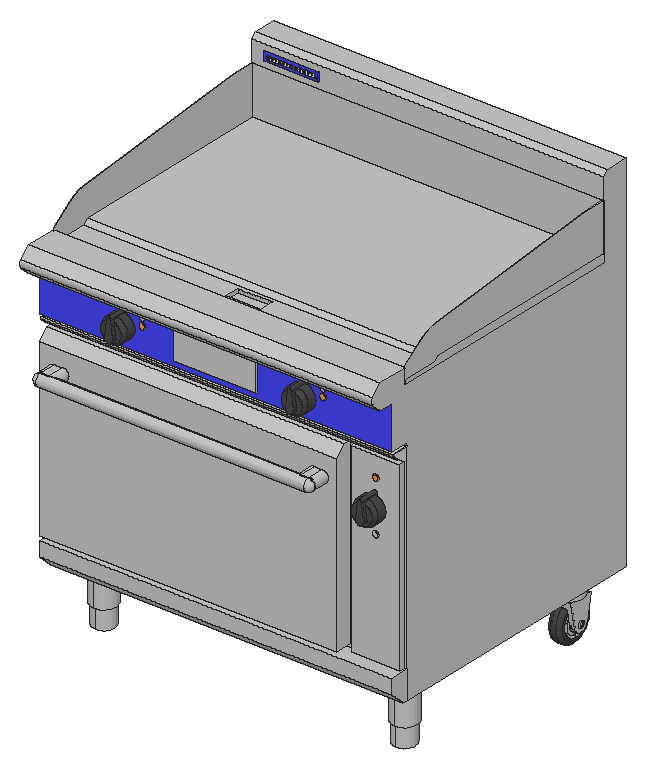
Revit family "QF_MOFFAT_BLUESEAL_CE_EP56", category Specialty Equipment, Revit 2012
Parameters
  Width = 900 mm
  Weight in Pounds = 336  # constant formula
  Watts = 18600 W
  Volts = 400 V
  URL Cutsheet = "www.moffat.com"
  URL = "www.moffat.com"
  Type Mark [instance] = ""
  Status [instance] = ""
  Specification by User [instance] = ""
  Specification by Manufacturer = ""
  Show Logo [instance] = yes
  Show Clearance [instance] = yes
  Show Casters [instance] = yes
  Serial Number = ""
  Seismic Rating = ""
  SMACNA No = ""
  Revision Code [instance] = ""
  Phase = 3
  Omniclass Number and Title = ""
  Number of Poles [instance] = 1
  NAFEM Spec ID Number = ""
  Model = "EP56"
  Min Ckt Ampacity = 0 A
  Max Overcurrent Protection = 0 A
  Masterspec = ""
  Manufacturer = "MOFFAT BLUESEAL"
  Legs [instance] = no
  Item Number [instance] = ""
  Installed By [instance] = ""
  Identify Quantity as Lot [instance] = yes
  Height = 1085 mm
  HP = ""
  Furnished By [instance] = ""
  Foodservice Equipment Identifier [instance] = yes
  FL Amps = 26.3 A
  Electrical Remarks [instance] = "26.3A PER PHASE"
  Electric Connection Type [instance] = ""
  Elec Conn RI Height [instance] = 0 mm
  Elec Conn Connection Height [instance] = 0 mm
  Description = "900MM ELECTRIC RANGE WITH CONVECTION OVEN"
  Depth = 805 mm
  Cycle = 50 Hz
  Conn Plug = ""
  Conn Conduit = yes
  CSI MasterFormat = ""
  CSI Master Format = ""
  Body Finish = QF_Finishes_Stainless Steel
  Apparent Power = if(Phase = 3, Volts * FL Amps * 1.73, Volts * FL Amps)  # 18199.6 VA
Reference planes
  plane 1 "BACK": y = 0
  plane 2: z = 0
  plane 3 "LEFT": x = 0
  plane 4 "RIGHT": x = 900
  plane 5 "FRONT": y = -812
  plane 6 "TOP": z = 970
  plane 7 "Center Y": x = 450
  plane 8 "Center X": y = -406
  plane 9: x = 280
  plane 10: x = 834.5
  plane 11: y = -32
  plane 12: z = 1085
  plane 13: z = 150
  plane 14: z = 740
  plane 15: x = 65.5
  plane 16: y = -100
  plane 17: y = -625
Forms (mm)
  Extrusion 1, solid, material "QF_Finishes_Stainless Steel" <- "Body Finish"
    sketch origin (0, 0, 0) x (0, 1, 0) y (0, 0, 1)
      loop
        line (0, 150) -> (0, 1085) -> (-58.9, 1085) -> (-70, 1073.9) -> (-70, 876.94) -> (-704.45, 876.94) -> (-704.45, 915) -> (-784.74, 915) -> (-808.31, 891.429)
        arc (-808.31, 891.429) -> (-812.002, 882.517) -> (-808.31, 873.604) r 12.604
        line (-808.31, 873.604) -> (-785.265, 850.559) -> (-748.2, 850.559) -> (-748.2, 740.5) -> (-699.05, 740.5) -> (-699.05, 150) -> (0, 150)
      loop
        line (-700.429, 732.9) -> (-743.335, 732.9)
        arc (-743.335, 732.9) -> (-745.599, 731.388) -> (-745.068, 728.718) r 2.45
        line (-745.068, 728.718) -> (-730.865, 714.515) -> (-730.158, 715.222) -> (-744.36, 729.425)
        arc (-744.36, 729.425) -> (-744.675, 731.005) -> (-743.335, 731.9) r 1.45
        line (-743.335, 731.9) -> (-700.429, 731.9) -> (-700.429, 732.9)
      loop
        line (-713.1, 150) -> (-699.5, 150) -> (-699.5, 221.7) -> (-748.5, 221.7) -> (-748.5, 185.4) -> (-713.1, 150)
    from 0 to 900
  Extrusion 2, solid, material "QF_Finishes_Stainless Steel"
    sketch origin (0, 0, 0) x (0, 1, 0) y (0, 0, 1)
      loop
        line (-724.715, 700.925) -> (-748.715, 676.925) -> (-748.715, 233.675) -> (-708.715, 233.675) -> (-708.715, 700.925) -> (-724.715, 700.925)
    from 0 to 760
  Extrusion 3, solid, material "QF_Finishes_Stainless Steel"
    sketch origin (723.5, 0, 0) x (0, 1, 0) y (0, 0, 1)
      loop
        line (-708.715, 700) -> (-721, 700) -> (-721, 227.5) -> (-708.715, 227.5) -> (-708.715, 700)
    from 51.5 to 176.5
  Revolve 4, solid, material "QF_Finishes_Stainless Steel" <- "Body Finish"
    sketch origin (834.5, -696.126, 0) x (0, 1, 0) y (0, 0, -1)
      loop
        line (39.376, -150) -> (71.126, -150) -> (71.126, 0) -> (43.626, 0) -> (43.626, -50) -> (39.376, -50) -> (39.376, -150)
      axis (71.126, -150) -> (71.126, 0)
    angle from 0 to 360
  Revolve 5, solid, material "QF_Finishes_Stainless Steel" <- "Body Finish"
    sketch origin (65.5, -696.126, 0) x (0, 1, 0) y (0, 0, 1)
      loop
        line (39.376, 150) -> (39.376, 50) -> (43.626, 50) -> (43.626, 0) -> (71.126, 0) -> (71.126, 150) -> (39.376, 150)
      axis (71.126, 150) -> (71.126, 0)
    angle from 0 to 360
  Extrusion 6, solid, material "QF_Finishes_Stainless Steel"
    sketch origin (0, 0, 740) x (0, 1, 0) y (1, 0, 0)
      loop
        circle (-32, 770) r 10
    from 0 to -3
  Revolve 7, solid, material "QF_Finishes_Black"
    sketch origin (837.495, 73.874, -213.6) x (0, 1, 0) y (0, 0, 1)
      loop
        line (-827.874, 829.5) -> (-838.874, 823.651) -> (-838.874, 797) -> (-794.874, 797) -> (-794.874, 802) -> (-804.874, 802) -> (-804.874, 829.5) -> (-827.874, 829.5)
      axis (-838.874, 797) -> (-794.874, 797)
    angle from 0 to 360
  Extrusion 8, solid, material "QF_Finishes_Black"
    sketch origin (689.688, 35, -213.6) x (1, 0, 0) y (0, 0, 1)
      loop
        line (158.226, 786.195) -> (152.806, 829.113)
        arc (152.806, 829.113) -> (147.807, 834) -> (142.808, 829.113) r 5
        line (142.808, 829.113) -> (137.319, 785.028)
        arc (137.319, 785.028) -> (148.391, 774.529) -> (158.226, 786.195) r 10.487
    from 759 to 808
  Extrusion 9, solid, material "QF_Door-Drawer Clearances", visible <- "Show Clearance", detail levels coarse
    sketch origin (0, 0, 0) x (0, -1, 0) y (0, 0, 1)
      loop
        line (748.715, 703.522) -> (748.715, 233.675) -> (1218.562, 233.675)
        arc (1218.562, 233.675) -> (1080.947, 565.907) -> (748.715, 703.522) r 469.847
    from 0 to -760
  Extrusion 10, void
    sketch origin (0, 0, 222.5) x (1, 0, 0) y (0, 1, 0)
      loop
        line (824, -87) -> (824, 0) -> (694, 0) -> (694, -39) -> (744, -87) -> (824, -87)
    from 0 to 517.5
  Extrusion 11, solid, material "QF_Finishes_Stainless Steel"
    sketch origin (0, -749, 227.5) x (0, 0, 1) y (-1, 0, 0)
      loop
        line (380.625, -38.246) -> (380.625, -58.528)
        arc (380.625, -58.528) -> (395.625, -73.528) -> (410.625, -58.528) r 15
        line (410.625, -58.528) -> (410.625, -38.246)
        arc (410.625, -38.246) -> (395.625, -23.246) -> (380.625, -38.246) r 15
      loop
        arc (380.625, -723.039) -> (395.625, -738.039) -> (410.625, -723.039) r 15
        line (410.625, -723.039) -> (410.625, -702.757)
        arc (410.625, -702.757) -> (395.625, -687.757) -> (380.625, -702.757) r 15
        line (380.625, -702.757) -> (380.625, -723.039)
    from 0 to 44
  Revolve 12, solid, material "QF_Finishes_Stainless Steel"
    sketch origin (0, -793, 0) x (1, 0, 0) y (0, 0, 1)
      loop
        arc (738.039, 623.125) -> (733.646, 633.732) -> (723.039, 638.125) r 15
        line (723.039, 638.125) -> (38.246, 638.125)
        arc (38.246, 638.125) -> (27.64, 633.732) -> (23.246, 623.125) r 15
        line (23.246, 623.125) -> (738.039, 623.125)
      axis (738.039, 623.125) -> (23.246, 623.125)
    angle from 0 to 360
  Revolve 13, solid, material "QF_Finishes_Black"
    sketch origin (217.5, 14.8, 598.3) x (0, 1, 0) y (0, 0, -1)
      loop
        line (-796, -229.5) -> (-773, -229.5) -> (-773, -202) -> (-763, -202) -> (-763, -197) -> (-807, -197) -> (-807, -223.651) -> (-796, -229.5)
      axis (-807, -197) -> (-763, -197)
    angle from 0 to 360
  Extrusion 14, solid, material "QF_Finishes_Black"
    sketch origin (355.77, 7.8, 598.458) x (-1, 0, 0) y (0, 0, -1)
      loop
        line (127.85, -186.037) -> (133.271, -228.955)
        arc (133.271, -228.955) -> (138.27, -233.842) -> (143.268, -228.955) r 5
        line (143.268, -228.955) -> (148.757, -184.87)
        arc (148.757, -184.87) -> (137.685, -174.371) -> (127.85, -186.037) r 10.487
    from 759 to 808
  Extrusion 15, solid, material "QF_Finishes_Stainless Steel"
    sketch origin (-295, -748.2, 866) x (0, 0, -1) y (1, 0, 0)
      loop
        line (24, 640) -> (110.5, 640) -> (110.5, 850) -> (24, 850) -> (24, 640)
    from 0 to 2.5
  Extrusion 16, solid, material "QF_Finishes_Stainless Steel"
    sketch origin (-295, -750.7, 866) x (0, 0, -1) y (1, 0, 0)
      loop
        line (31, 850) -> (24, 850) -> (24, 640) -> (31, 640) -> (31, 850)
    from 0 to 5
  Revolve 17, solid, material "QF_Finishes_Black"
    sketch origin (680.116, 14.8, 598.3) x (0, 1, 0) y (0, 0, 1)
      loop
        line (-796, 229.5) -> (-807, 223.651) -> (-807, 197) -> (-763, 197) -> (-763, 202) -> (-773, 202) -> (-773, 229.5) -> (-796, 229.5)
      axis (-807, 197) -> (-763, 197)
    angle from 0 to 360
  Extrusion 18, solid, material "QF_Finishes_Black"
    sketch origin (541.846, 7.8, 598.458) x (1, 0, 0) y (0, 0, 1)
      loop
        line (148.689, 186.037) -> (143.268, 228.955)
        arc (143.268, 228.955) -> (138.27, 233.842) -> (133.271, 228.955) r 5
        line (133.271, 228.955) -> (127.782, 184.87)
        arc (127.782, 184.87) -> (138.854, 174.371) -> (148.689, 186.037) r 10.487
    from 759 to 808
  Extrusion 19, solid, material "QF_Finishes_Orange"
    sketch origin (0, -748.2, 866) x (0, 0, -1) y (1, 0, 0)
      loop
        circle (60.7, 725.121) r 7.15
      loop
        circle (60.7, 262.505) r 7.15
    from 0 to 1
  Extrusion 20, solid, material "QF_Finishes_Stainless Steel"
    sketch origin (0, -748.2, 866) x (0, 0, -1) y (1, 0, 0)
      loop
        circle (40.7, 725.121) r 7.15
      loop
        circle (40.7, 262.505) r 7.15
    from 0 to 1
  Revolve 21, solid, material "QF_Finishes_Stainless Steel", visible <- "Legs"
    sketch origin (834.5, -210, 0) x (0, 1, 0) y (0, 0, -1)
      loop
        line (78.25, -150) -> (110, -150) -> (110, 0) -> (82.5, 0) -> (82.5, -50) -> (78.25, -50) -> (78.25, -150)
      axis (110, -150) -> (110, 0)
    angle from 0 to 360
  Revolve 22, solid, material "QF_Finishes_Stainless Steel", visible <- "Legs"
    sketch origin (65, -210, 0) x (0, 1, 0) y (0, 0, -1)
      loop
        line (78.25, -150) -> (110, -150) -> (110, 0) -> (82.5, 0) -> (82.5, -50) -> (78.25, -50) -> (78.25, -150)
      axis (110, -150) -> (110, 0)
    angle from 0 to 360
  Revolve 23, solid, material "QF_Finishes_Stainless Steel", visible <- "Legs"
    sketch origin (65.5, -166, 0) x (0, 1, 0) y (0, 0, 1)
      loop
        line (34.25, 150) -> (34.25, 50) -> (38.5, 50) -> (38.5, 0) -> (66, 0) -> (66, 150) -> (34.25, 150)
      axis (66, 150) -> (66, 0)
    angle from 0 to 360
  Revolve 24, solid, material "QF_Finishes_Stainless Steel", visible <- "Legs"
    sketch origin (835, -166, 0) x (0, 1, 0) y (0, 0, -1)
      loop
        line (34.25, -150) -> (66, -150) -> (66, 0) -> (38.5, 0) -> (38.5, -50) -> (34.25, -50) -> (34.25, -150)
      axis (66, -150) -> (66, 0)
    angle from 0 to 360
  Revolve 25, solid, material "QF_Finishes_Stainless Steel", visible <- "Show Casters"
    sketch origin (16.276, -100.755, -13.653) x (1, 0, 0) y (0, 0, 1)
      loop
        line (14.841, 63.604) -> (83.584, 63.604) -> (83.584, 67.109) -> (82.314, 68.379) -> (80.79, 68.379) -> (80.79, 71.826) -> (68.644, 71.826) -> (68.644, 81.79) -> (65.088, 83.843) -> (63.738, 92.179) -> (65.881, 92.179) -> (65.881, 98.529) -> (65.088, 98.529) -> (65.088, 104.879)
        arc (65.088, 104.879) -> (62.298, 111.614) -> (55.563, 114.404) r 9.525
        line (55.563, 114.404) -> (42.863, 114.404)
        arc (42.863, 114.404) -> (36.127, 111.614) -> (33.338, 104.879) r 9.525
        line (33.338, 104.879) -> (33.338, 98.529) -> (32.544, 98.529) -> (32.544, 92.179) -> (34.687, 92.179) -> (33.352, 83.932) -> (29.782, 81.871) -> (29.782, 71.826) -> (17.635, 71.826) -> (17.635, 68.379) -> (16.111, 68.379) -> (14.841, 67.109) -> (14.841, 63.604)
      axis (14.841, 63.604) -> (83.584, 63.604)
    angle from 0 to 360
  Extrusion 26, solid, material "QF_Finishes_Stainless Steel", visible <- "Show Casters"
    sketch origin (72.001, 132.353, -8.783) x (0, 1, 0) y (0, 0, 1)
      loop
        line (-200.603, 118.783) -> (-264.103, 118.783) -> (-251.746, 53.895)
        arc (-251.746, 53.895) -> (-232.353, 38.783) -> (-212.959, 53.895) r 20
        line (-212.959, 53.895) -> (-200.603, 118.783)
    from -35.667 to 22.923
  Revolve 27, solid, material "QF_Finishes_Stainless Steel", visible <- "Show Casters"
    sketch origin (65.5, -204, 0) x (0, 1, 0) y (0, 0, 1)
      loop
        line (68.25, 150) -> (68.25, 110) -> (104, 110) -> (104, 150) -> (68.25, 150)
      axis (104, 150) -> (104, 110)
    angle from 0 to 360
  Revolve 28, solid, material "QF_Finishes_Stainless Steel", visible <- "Legs"
    sketch origin (65.5, -166, 0) x (0, 1, 0) y (0, 0, 1)
      loop
        line (34.25, 150) -> (34.25, 50) -> (38.5, 50) -> (38.5, 0) -> (66, 0) -> (66, 150) -> (34.25, 150)
      axis (66, 150) -> (66, 0)
    angle from 0 to 360
  Extrusion 29, solid, material "QF_Finishes_Stainless Steel", visible <- "Show Casters"
    sketch origin (841.501, 132.353, -8.783) x (0, 1, 0) y (0, 0, 1)
      loop
        line (-200.603, 118.783) -> (-264.103, 118.783) -> (-251.746, 53.895)
        arc (-251.746, 53.895) -> (-232.353, 38.783) -> (-212.959, 53.895) r 20
        line (-212.959, 53.895) -> (-200.603, 118.783)
    from -35.667 to 22.923
  Revolve 30, solid, material "QF_Finishes_Stainless Steel", visible <- "Show Casters"
    sketch origin (835, -204, 0) x (0, 1, 0) y (0, 0, 1)
      loop
        line (68.25, 150) -> (68.25, 110) -> (104, 110) -> (104, 150) -> (68.25, 150)
      axis (104, 150) -> (104, 110)
    angle from 0 to 360
  Revolve 31, solid, material "QF_Finishes_Stainless Steel", visible <- "Show Casters"
    sketch origin (786.276, -100.755, -13.653) x (1, 0, 0) y (0, 0, 1)
      loop
        line (14.841, 63.604) -> (83.584, 63.604) -> (83.584, 67.109) -> (82.314, 68.379) -> (80.79, 68.379) -> (80.79, 71.826) -> (68.644, 71.826) -> (68.644, 81.79) -> (65.088, 83.843) -> (63.738, 92.179) -> (65.881, 92.179) -> (65.881, 98.529) -> (65.088, 98.529) -> (65.088, 104.879)
        arc (65.088, 104.879) -> (62.298, 111.614) -> (55.563, 114.404) r 9.525
        line (55.563, 114.404) -> (42.863, 114.404)
        arc (42.863, 114.404) -> (36.127, 111.614) -> (33.338, 104.879) r 9.525
        line (33.338, 104.879) -> (33.338, 98.529) -> (32.544, 98.529) -> (32.544, 92.179) -> (34.687, 92.179) -> (33.352, 83.932) -> (29.782, 81.871) -> (29.782, 71.826) -> (17.635, 71.826) -> (17.635, 68.379) -> (16.111, 68.379) -> (14.841, 67.109) -> (14.841, 63.604)
      axis (14.841, 63.604) -> (83.584, 63.604)
    angle from 0 to 360
  Extrusion 32, solid, material "QF_Finishes_Stainless Steel"
    sketch origin (723.5, -721, 700) x (0, 0, -1) y (1, 0, 0)
      loop
        circle (181.6, 114) r 7.15
    from 0 to 1
  Extrusion 33, solid, material "QF_Finishes_Orange"
    sketch origin (723.5, -721, 700) x (0, 0, -1) y (1, 0, 0)
      loop
        circle (51.6, 114) r 7.15
    from 0 to 1
Cuts and joins
  Extrusion 10 cuts Extrusion 1
Lines and regions (mm)
  Split face 1
    outline origin (900, 0, 1085) x (-1, 0, 0) y (0, -1, 0)
      loop
        arc (44, 45.385) -> (35.34, 40.385) -> (35.34, 30.385) r 10
        line (35.34, 30.385) -> (39.381, 23.385)
        arc (39.381, 23.385) -> (43.041, 19.725) -> (48.041, 18.385) r 10
        line (48.041, 18.385) -> (276, 18.385)
        arc (276, 18.385) -> (284.66, 23.385) -> (284.66, 33.385) r 10
        line (284.66, 33.385) -> (280.619, 40.385)
        arc (280.619, 40.385) -> (276.959, 44.045) -> (271.959, 45.385) r 10
        line (271.959, 45.385) -> (44, 45.385)
  Split face 2
    outline origin (900, 0, 1085) x (-1, 0, 0) y (0, -1, 0)
      loop
        arc (334, 45.385) -> (325.34, 40.385) -> (325.34, 30.385) r 10
        line (325.34, 30.385) -> (329.381, 23.385)
        arc (329.381, 23.385) -> (333.041, 19.725) -> (338.041, 18.385) r 10
        line (338.041, 18.385) -> (566, 18.385)
        arc (566, 18.385) -> (574.66, 23.385) -> (574.66, 33.385) r 10
        line (574.66, 33.385) -> (570.619, 40.385)
        arc (570.619, 40.385) -> (566.959, 44.045) -> (561.959, 45.385) r 10
        line (561.959, 45.385) -> (334, 45.385)
  Split face 3
    outline origin (900, 0, 1085) x (-1, 0, 0) y (0, -1, 0)
      loop
        arc (624, 45.385) -> (615.34, 40.385) -> (615.34, 30.385) r 10
        line (615.34, 30.385) -> (619.381, 23.385)
        arc (619.381, 23.385) -> (623.041, 19.725) -> (628.041, 18.385) r 10
        line (628.041, 18.385) -> (856, 18.385)
        arc (856, 18.385) -> (864.66, 23.385) -> (864.66, 33.385) r 10
        line (864.66, 33.385) -> (860.619, 40.385)
        arc (860.619, 40.385) -> (856.959, 44.045) -> (851.959, 45.385) r 10
        line (851.959, 45.385) -> (624, 45.385)
  symbolic lines, style "QF_Door-Drawer Clearances", visible <- "Show Clearance"
    curve 1: line (0, -1218.562, 0) -> (0, -812, 0)
    curve 2: line (0, -1218.562, 0) -> (760, -1218.562, 0)
    curve 3: line (760, -1218.562, 0) -> (760, -812, 0)
  symbolic lines, style "SpecialityEquipmentHiddenLines", visible <- "Show Casters"
    curve 4: line (78.456, -46.735, 0) -> (105.952, -62.61, 0)
    curve 5: line (27.656, -134.723, 0) -> (78.456, -46.735, 0)
    curve 6: line (55.152, -150.598, 0) -> (27.656, -134.723, 0)
    curve 7: line (105.952, -62.61, 0) -> (55.152, -150.598, 0)
    curve 8: line (824.652, -150.598, 0) -> (797.156, -134.723, 0)
    curve 9: line (875.452, -62.61, 0) -> (824.652, -150.598, 0)
    curve 10: line (847.956, -46.735, 0) -> (797.156, -134.723, 0)
    curve 11: line (875.452, -62.61, 0) -> (847.956, -46.735, 0)
  symbolic lines
    curve 12: line (44, -18.385, 0) -> (271.959, -18.385, 0)
    curve 13: arc (271.959, -18.385, 0) -> (276.959, -19.725, 0) -> (280.619, -23.385, 0) r 10
    curve 14: line (280.619, -23.385, 0) -> (284.66, -30.385, 0)
    curve 15: arc (284.66, -30.385, 0) -> (284.66, -40.385, 0) -> (276, -45.385, 0) r 10
    curve 16: line (276, -45.385, 0) -> (48.041, -45.385, 0)
    curve 17: arc (48.041, -45.385, 0) -> (43.041, -44.045, 0) -> (39.381, -40.385, 0) r 10
    curve 18: line (39.381, -40.385, 0) -> (35.34, -33.385, 0)
    curve 19: arc (35.34, -33.385, 0) -> (35.34, -23.385, 0) -> (44, -18.385, 0) r 10
    curve 20: line (334, -18.385, 0) -> (561.959, -18.385, 0)
    curve 21: arc (561.959, -18.385, 0) -> (566.959, -19.725, 0) -> (570.619, -23.385, 0) r 10
    curve 22: line (570.619, -23.385, 0) -> (574.66, -30.385, 0)
    curve 23: arc (574.66, -30.385, 0) -> (574.66, -40.385, 0) -> (566, -45.385, 0) r 10
    curve 24: line (566, -45.385, 0) -> (338.041, -45.385, 0)
    curve 25: arc (338.041, -45.385, 0) -> (333.041, -44.045, 0) -> (329.381, -40.385, 0) r 10
    curve 26: line (329.381, -40.385, 0) -> (325.34, -33.385, 0)
    curve 27: arc (325.34, -33.385, 0) -> (325.34, -23.385, 0) -> (334, -18.385, 0) r 10
    curve 28: line (851.959, -18.385, 0) -> (624, -18.385, 0)
    curve 29: arc (624, -18.385, 0) -> (615.34, -23.385, 0) -> (615.34, -33.385, 0) r 10
    curve 30: line (615.34, -33.385, 0) -> (619.381, -40.385, 0)
    curve 31: arc (619.381, -40.385, 0) -> (623.041, -44.045, 0) -> (628.041, -45.385, 0) r 10
    curve 32: line (628.041, -45.385, 0) -> (856, -45.385, 0)
    curve 33: arc (856, -45.385, 0) -> (864.66, -40.385, 0) -> (864.66, -30.385, 0) r 10
    curve 34: line (864.66, -30.385, 0) -> (860.619, -23.385, 0)
    curve 35: arc (860.619, -23.385, 0) -> (856.959, -19.725, 0) -> (851.959, -18.385, 0) r 10
    curve 36: line (900, 0, 0) -> (0, 0, 0)
    curve 37: line (0, 0, 0) -> (0, -812, 0)
    curve 38: line (900, -812, 0) -> (900, 0, 0)
    curve 39: line (0, -784.7, 0) -> (900, -784.7, 0)
    curve 40: line (0, -812, 0) -> (900, -812, 0)
    curve 41: line (0, -58.9, 0) -> (900, -58.9, 0)
    curve 42: line (0, -70, 0) -> (900, -70, 0)
Dimensions and locks
  equal spacing: plane 3 "LEFT", plane 7 "Center Y", plane 4 "RIGHT"
  "Width": plane 3 "LEFT" to plane 4 "RIGHT"
  equal spacing: plane 5 "FRONT", plane 8 "Center X", plane 1 "BACK"
  plane 5 "FRONT" to plane 1 "BACK" = 812 mm  (x2)
  equal spacing: plane 4 "RIGHT", plane 7 "Center Y", plane 3 "LEFT"
  plane 4 "RIGHT" to plane 3 "LEFT" = 900 mm
  plane 9 to plane 3 "LEFT" = 280 mm
  plane 6 "TOP" to plane 2 = 970 mm
  plane 12 to plane 2 = 1085 mm
  plane 13 to plane 2 = 150 mm
  plane 14 to plane 2 = 740 mm
  Revolve 25 sketch curve to Revolve 25 sketch curve = 50.8 mm
  Revolve 31 sketch curve to Revolve 31 sketch curve = 50.8 mm
  cut or joined group of Extrusion 1, Extrusion 10 to plane 2 = 915 mm
  aligned and locked: level to plane 2
Automatic sketch dimensions
  Extrusion 2 sketch curve to plane 5 "FRONT" = 63.285 mm  (x2)
  Extrusion 2 sketch curve to Extrusion 2 sketch curve = 24 mm
  Extrusion 2 sketch curve to Extrusion 2 sketch curve = 40 mm
  Extrusion 2 sketch curve to plane 13 = 83.675 mm
  Extrusion 2 sketch curve to plane 14 = 63.075 mm
  Extrusion 2 sketch curve to plane 14 = 39.075 mm
  Extrusion 3 sketch curve to plane 14 = 40 mm
  Extrusion 3 sketch curve to plane 5 "FRONT" = 91 mm
  Extrusion 3 sketch curve to Extrusion 3 sketch curve = 12.285 mm  (x2)
  Extrusion 3 sketch curve to plane 13 = 77.5 mm
  plane 13 to Revolve 4 sketch curve = 0 mm
  Revolve 4 sketch curve to level = 0 mm
  Revolve 4 sketch curve to plane 17 = 0 mm  (x2)
  Revolve 4 sketch curve to Revolve 4 sketch curve = 27.5 mm
  plane 17 to Revolve 4 sketch curve = 31.75 mm
  level to Revolve 4 sketch curve = 50 mm
  Revolve 4 sketch curve to Revolve 4 sketch curve = 0 mm
  Revolve 4 sketch curve to Revolve 4 sketch curve = 55 mm
  plane 13 to Revolve 5 sketch curve = 0 mm
  Revolve 5 sketch curve to level = 0 mm
  Revolve 5 sketch curve to plane 17 = 0 mm  (x2)
  Revolve 5 sketch curve to Revolve 5 sketch curve = 27.5 mm
  plane 17 to Revolve 5 sketch curve = 31.75 mm
  Revolve 5 sketch curve to level = 55 mm
  Revolve 5 sketch curve to Revolve 5 sketch curve = 50 mm
  Revolve 5 sketch curve to Revolve 5 sketch curve = 0 mm
  Extrusion 10 to Extrusion 6 sketch curve = 32 mm
  Extrusion 10 to Extrusion 6 sketch curve = 54 mm
  Revolve 7 sketch curve to plane 5 "FRONT" = 47 mm
  Revolve 7 sketch curve to Revolve 7 sketch curve = 0 mm  (x2)
  Revolve 7 sketch curve to Revolve 7 sketch curve = 11 mm
  Revolve 7 sketch curve to Revolve 7 sketch curve = 12.7 mm
  Revolve 7 sketch curve to Revolve 7 sketch curve = 23 mm
  Revolve 7 sketch curve to Revolve 7 sketch curve = 10 mm
  Revolve 7 sketch curve to plane 14 = 156.6 mm
  Revolve 7 sketch curve to Revolve 7 sketch curve = 5 mm
  Revolve 7 sketch curve to Revolve 7 sketch curve = 26.651 mm
  Revolve 7 sketch curve to Revolve 7 sketch curve = 5.849 mm
  Extrusion 8 sketch curve to plane 10 = 7.492 mm
  Extrusion 8 sketch curve to plane 10 = 2.003 mm
  plane 10 to Extrusion 8 sketch curve = 2.995 mm  (x2)
  Extrusion 8 sketch curve to Extrusion 8 sketch curve = 4.999 mm
  Extrusion 8 sketch curve to Extrusion 8 sketch curve = 10.419 mm
  Extrusion 8 sketch curve to plane 14 = 168.6 mm
  Extrusion 8 sketch curve to Extrusion 8 sketch curve = 0.028 mm
  Extrusion 8 sketch curve to Extrusion 8 sketch curve = 44 mm
  Extrusion 8 sketch curve to Extrusion 8 sketch curve = 0.113 mm
  Extrusion 9 sketch curve to plane 5 "FRONT" = 63.285 mm
  Extrusion 9 sketch curve to plane 13 = 83.675 mm
  plane 5 "FRONT" to Extrusion 9 sketch curve = 406.562 mm
  plane 1 "BACK" to Extrusion 10 sketch curve = 0 mm
  Extrusion 10 sketch curve to plane 11 = 7 mm
  Extrusion 10 sketch curve to plane 10 = 140.5 mm
  Extrusion 10 sketch curve to plane 16 = 13 mm
  Extrusion 10 sketch curve to Extrusion 10 sketch curve = 50 mm
  Extrusion 10 sketch curve to plane 10 = 10.5 mm
  Extrusion 11 sketch curve to plane 15 = 6.972 mm
  Extrusion 11 sketch curve to plane 14 = 131.875 mm  (x2)
  Extrusion 11 sketch curve to Extrusion 11 sketch curve = 15 mm  (x2)
  Extrusion 11 sketch curve to plane 10 = 131.743 mm
  Extrusion 11 sketch curve to Extrusion 11 sketch curve = 20.282 mm  (x2)
  Revolve 12 sketch curve to plane 3 "LEFT" = 6.961 mm
  plane 3 "LEFT" to Revolve 12 sketch curve = 23.246 mm
  Revolve 12 sketch curve to Revolve 12 sketch curve = 15 mm
  plane 7 "Center Y" to Revolve 12 sketch curve = 138.039 mm
  Revolve 12 sketch curve to plane 10 = 111.461 mm
  Revolve 12 sketch curve to plane 14 = 116.875 mm
  Revolve 12 sketch curve to Revolve 12 sketch curve = 0 mm
  Revolve 13 sketch curve to plane 5 "FRONT" = 19.8 mm
  Revolve 13 sketch curve to Revolve 13 sketch curve = 0 mm  (x2)
  Revolve 13 sketch curve to Revolve 13 sketch curve = 11 mm
  Revolve 13 sketch curve to Revolve 13 sketch curve = 12.7 mm
  Revolve 13 sketch curve to Revolve 13 sketch curve = 23 mm
  Revolve 13 sketch curve to Revolve 13 sketch curve = 10 mm
  plane 14 to Revolve 13 sketch curve = 87.8 mm
  Revolve 13 sketch curve to Revolve 13 sketch curve = 5.849 mm
  Revolve 13 sketch curve to Revolve 13 sketch curve = 27.5 mm
  Revolve 13 sketch curve to Revolve 13 sketch curve = 5 mm
  Extrusion 14 sketch curve to plane 9 = 52.081 mm
  Extrusion 14 sketch curve to Extrusion 14 sketch curve = 5.421 mm
  Extrusion 14 sketch curve to Extrusion 14 sketch curve = 10.419 mm
  Extrusion 14 sketch curve to Extrusion 14 sketch curve = 4.999 mm  (x2)
  Extrusion 14 sketch curve to Extrusion 14 sketch curve = 10.487 mm
  plane 14 to Extrusion 14 sketch curve = 87.413 mm
  Extrusion 14 sketch curve to Extrusion 14 sketch curve = 0.113 mm
  Extrusion 14 sketch curve to Extrusion 14 sketch curve = 42.919 mm
  Extrusion 14 sketch curve to Extrusion 14 sketch curve = 1.167 mm
  plane 14 to Extrusion 15 sketch curve = 102 mm
  plane 14 to Extrusion 15 sketch curve = 15.5 mm
  plane 9 to Extrusion 15 sketch curve = 65 mm
  plane 7 "Center Y" to Extrusion 15 sketch curve = 105 mm
  Extrusion 16 sketch curve to Extrusion 15 = 0 mm  (x2)
  Extrusion 15 to Extrusion 16 sketch curve = 0 mm
  Extrusion 16 sketch curve to Extrusion 15 = 7 mm
  Revolve 17 sketch curve to plane 5 "FRONT" = 19.8 mm
  Revolve 17 sketch curve to Revolve 17 sketch curve = 0 mm  (x2)
  Revolve 17 sketch curve to Revolve 17 sketch curve = 11 mm
  Revolve 17 sketch curve to Revolve 17 sketch curve = 12.7 mm
  Revolve 17 sketch curve to Revolve 17 sketch curve = 23 mm
  Revolve 17 sketch curve to Revolve 17 sketch curve = 10 mm
  plane 14 to Revolve 17 sketch curve = 55.3 mm
  Revolve 17 sketch curve to Revolve 17 sketch curve = 5 mm
  Revolve 17 sketch curve to Revolve 17 sketch curve = 26.651 mm
  Revolve 17 sketch curve to Revolve 17 sketch curve = 5.849 mm
  plane 14 to Extrusion 18 sketch curve = 43.328 mm
  Extrusion 18 sketch curve to plane 10 = 164.871 mm
  Extrusion 18 sketch curve to Extrusion 18 sketch curve = 5.489 mm
  Extrusion 18 sketch curve to Extrusion 18 sketch curve = 4.999 mm  (x2)
  Extrusion 18 sketch curve to Extrusion 18 sketch curve = 10.487 mm
  plane 14 to Extrusion 18 sketch curve = 87.413 mm
  plane 14 to Extrusion 18 sketch curve = 44.495 mm
  Extrusion 18 sketch curve to Extrusion 18 sketch curve = 10.419 mm
  Extrusion 18 sketch curve to Extrusion 18 sketch curve = 0.113 mm
  Extrusion 19 sketch curve to plane 9 = 17.495 mm
  plane 14 to Extrusion 19 sketch curve = 65.3 mm  (x2)
  Extrusion 19 sketch curve to plane 10 = 109.379 mm
  Extrusion 20 sketch curve to plane 9 = 17.495 mm
  plane 14 to Extrusion 20 sketch curve = 85.3 mm  (x2)
  Extrusion 20 sketch curve to plane 10 = 109.379 mm
  plane 13 to Revolve 21 sketch curve = 0 mm
  Revolve 21 sketch curve to level = 0 mm
  Revolve 21 sketch curve to plane 16 = 0 mm  (x2)
  Revolve 21 sketch curve to Revolve 21 sketch curve = 27.5 mm
  Revolve 21 sketch curve to Revolve 21 sketch curve = 31.75 mm
  level to Revolve 21 sketch curve = 50 mm
  Revolve 21 sketch curve to Revolve 21 sketch curve = 0 mm
  Revolve 21 sketch curve to Revolve 21 sketch curve = 55 mm
  plane 13 to Revolve 22 sketch curve = 0 mm
  Revolve 22 sketch curve to level = 0 mm
  Revolve 22 sketch curve to plane 16 = 0 mm  (x2)
  Revolve 22 sketch curve to Revolve 22 sketch curve = 27.5 mm
  Revolve 22 sketch curve to Revolve 22 sketch curve = 31.75 mm
  level to Revolve 22 sketch curve = 50 mm
  Revolve 22 sketch curve to Revolve 22 sketch curve = 0 mm
  Revolve 22 sketch curve to Revolve 22 sketch curve = 55 mm
  plane 13 to Revolve 23 sketch curve = 0 mm
  Revolve 23 sketch curve to level = 0 mm
  Revolve 23 sketch curve to plane 16 = 0 mm  (x2)
  Revolve 23 sketch curve to Revolve 23 sketch curve = 27.5 mm
  Revolve 23 sketch curve to Revolve 23 sketch curve = 31.75 mm
  Revolve 23 sketch curve to Revolve 23 sketch curve = 55 mm
  level to Revolve 23 sketch curve = 50 mm
  Revolve 23 sketch curve to Revolve 23 sketch curve = 0 mm
  plane 13 to Revolve 24 sketch curve = 0 mm
  Revolve 24 sketch curve to level = 0 mm
  Revolve 24 sketch curve to plane 16 = 0 mm  (x2)
  Revolve 24 sketch curve to Revolve 24 sketch curve = 27.5 mm
  plane 16 to Revolve 24 sketch curve = 31.75 mm
  level to Revolve 24 sketch curve = 50 mm
  Revolve 24 sketch curve to Revolve 24 sketch curve = 0 mm
  Revolve 24 sketch curve to Revolve 24 sketch curve = 55 mm
  plane 3 "LEFT" to Revolve 25 sketch curve = 31.118 mm
  Revolve 25 sketch curve to Revolve 25 sketch curve = 1.27 mm  (x4)
  Revolve 25 sketch curve to Revolve 25 sketch curve = 1.524 mm  (x2)
  Revolve 25 sketch curve to Revolve 25 sketch curve = 12.146 mm  (x2)
  Revolve 25 sketch curve to plane 15 = 16.68 mm
  Revolve 25 sketch curve to Revolve 25 sketch curve = 0.794 mm  (x2)
  Revolve 25 sketch curve to Revolve 25 sketch curve = 3.57 mm
  Revolve 25 sketch curve to Revolve 25 sketch curve = 2.143 mm
  Revolve 25 sketch curve to plane 15 = 6.361 mm
  plane 15 to Revolve 25 sketch curve = 5.13 mm
  plane 15 to Revolve 25 sketch curve = 6.339 mm
  plane 15 to Revolve 25 sketch curve = 14.515 mm
  Revolve 25 sketch curve to Revolve 25 sketch curve = 1.349 mm  (x2)
  Revolve 25 sketch curve to Revolve 25 sketch curve = 3.556 mm
  Revolve 25 sketch curve to Revolve 25 sketch curve = 33.32 mm
  level to Revolve 25 sketch curve = 49.952 mm
  Revolve 25 sketch curve to Revolve 25 sketch curve = 0 mm
  Revolve 25 sketch curve to Revolve 25 sketch curve = 3.505 mm  (x2)
  Revolve 25 sketch curve to Revolve 25 sketch curve = 3.447 mm  (x2)
  Revolve 25 sketch curve to Revolve 25 sketch curve = 9.964 mm
  Revolve 25 sketch curve to Revolve 25 sketch curve = 10.045 mm
  Revolve 25 sketch curve to Revolve 25 sketch curve = 2.053 mm
  Revolve 25 sketch curve to Revolve 25 sketch curve = 2.061 mm
  Revolve 25 sketch curve to Revolve 25 sketch curve = 8.247 mm
  Revolve 25 sketch curve to Revolve 25 sketch curve = 8.336 mm
  Revolve 25 sketch curve to Revolve 25 sketch curve = 6.35 mm  (x2)
  Extrusion 26 sketch curve to plane 16 = 0 mm
  plane 16 to Extrusion 26 sketch curve = 19.393 mm
  plane 16 to Extrusion 26 sketch curve = 31.75 mm
  Extrusion 26 sketch curve to plane 16 = 19.393 mm
  Extrusion 26 sketch curve to plane 16 = 31.75 mm
  level to Extrusion 26 sketch curve = 45.111 mm
  Extrusion 26 sketch curve to Extrusion 26 sketch curve = 4.889 mm
  plane 13 to Extrusion 26 sketch curve = 40 mm
  plane 13 to Revolve 27 sketch curve = 0 mm
  Revolve 27 sketch curve to plane 16 = 0 mm  (x2)
  plane 16 to Revolve 27 sketch curve = 35.75 mm
  plane 13 to Revolve 27 sketch curve = 40 mm
  level to Revolve 27 sketch curve = 50 mm
  Revolve 27 sketch curve to level = 55 mm
  plane 13 to Revolve 28 sketch curve = 0 mm
  Revolve 28 sketch curve to level = 0 mm
  Revolve 28 sketch curve to plane 16 = 0 mm  (x2)
  Revolve 28 sketch curve to Revolve 28 sketch curve = 27.5 mm
  Revolve 28 sketch curve to Revolve 28 sketch curve = 31.75 mm
  Revolve 28 sketch curve to Revolve 28 sketch curve = 55 mm
  level to Revolve 28 sketch curve = 50 mm
  Revolve 28 sketch curve to Revolve 28 sketch curve = 0 mm
  Extrusion 29 sketch curve to plane 16 = 0 mm
  plane 16 to Extrusion 29 sketch curve = 19.393 mm
  plane 16 to Extrusion 29 sketch curve = 31.75 mm
  Extrusion 29 sketch curve to plane 16 = 19.393 mm
  Extrusion 29 sketch curve to plane 16 = 31.75 mm
  level to Extrusion 29 sketch curve = 45.111 mm
  Extrusion 29 sketch curve to Extrusion 29 sketch curve = 4.889 mm
  plane 13 to Extrusion 29 sketch curve = 40 mm
  plane 13 to Revolve 30 sketch curve = 0 mm
  Revolve 30 sketch curve to plane 16 = 0 mm  (x2)
  Revolve 30 sketch curve to Revolve 30 sketch curve = 35.75 mm
  plane 13 to Revolve 30 sketch curve = 40 mm
  level to Revolve 30 sketch curve = 50 mm
  Revolve 30 sketch curve to level = 55 mm
  Revolve 31 sketch curve to plane 10 = 33.382 mm
  Revolve 31 sketch curve to Revolve 31 sketch curve = 1.27 mm  (x4)
  Revolve 31 sketch curve to Revolve 31 sketch curve = 1.524 mm  (x2)
  Revolve 31 sketch curve to Revolve 31 sketch curve = 12.146 mm  (x2)
  Revolve 31 sketch curve to plane 10 = 15.68 mm
  Revolve 31 sketch curve to Revolve 31 sketch curve = 0.794 mm  (x2)
  Revolve 31 sketch curve to Revolve 31 sketch curve = 3.57 mm
  Revolve 31 sketch curve to Revolve 31 sketch curve = 2.143 mm
  Revolve 31 sketch curve to plane 10 = 5.361 mm
  plane 10 to Revolve 31 sketch curve = 6.13 mm
  plane 10 to Revolve 31 sketch curve = 7.339 mm
  Revolve 31 sketch curve to Revolve 31 sketch curve = 8.176 mm
  Revolve 31 sketch curve to Revolve 31 sketch curve = 1.349 mm  (x2)
  Revolve 31 sketch curve to Revolve 31 sketch curve = 3.556 mm
  Revolve 31 sketch curve to plane 4 "RIGHT" = 3.18 mm
  level to Revolve 31 sketch curve = 49.952 mm
  Revolve 31 sketch curve to Revolve 31 sketch curve = 0 mm
  Revolve 31 sketch curve to Revolve 31 sketch curve = 3.505 mm  (x2)
  Revolve 31 sketch curve to Revolve 31 sketch curve = 3.447 mm  (x2)
  Revolve 31 sketch curve to Revolve 31 sketch curve = 9.964 mm
  Revolve 31 sketch curve to Revolve 31 sketch curve = 10.045 mm
  Revolve 31 sketch curve to Revolve 31 sketch curve = 2.053 mm
  Revolve 31 sketch curve to Revolve 31 sketch curve = 2.061 mm
  Revolve 31 sketch curve to Revolve 31 sketch curve = 8.247 mm
  Revolve 31 sketch curve to Revolve 31 sketch curve = 8.336 mm
  Revolve 31 sketch curve to Revolve 31 sketch curve = 6.35 mm  (x2)
  Split face 1 sketch curve to cut or joined group of Extrusion 1, Extrusion 10 = 35.34 mm
  Split face 1 sketch curve to Split face 1 sketch curve = 4.041 mm  (x4)
  Split face 1 sketch curve to Split face 1 sketch curve = 8.66 mm  (x2)
  Split face 1 sketch curve to cut or joined group of Extrusion 1, Extrusion 10 = 23.515 mm
  Split face 1 sketch curve to Split face 1 sketch curve = 223.917 mm
  Split face 1 sketch curve to cut or joined group of Extrusion 1, Extrusion 10 = 18.515 mm
  Split face 1 sketch curve to Split face 1 sketch curve = 10 mm
  Split face 1 sketch curve to Split face 1 sketch curve = 7 mm  (x3)
  Split face 2 sketch curve to cut or joined group of Extrusion 1, Extrusion 10 = 28.515 mm
  Split face 2 sketch curve to cut or joined group of Extrusion 1, Extrusion 10 = 325.34 mm
  Split face 2 sketch curve to cut or joined group of Extrusion 1, Extrusion 10 = 23.385 mm
  Split face 2 sketch curve to Split face 2 sketch curve = 4.041 mm  (x4)
  Split face 2 sketch curve to Split face 2 sketch curve = 8.66 mm  (x2)
  Split face 2 sketch curve to cut or joined group of Extrusion 1, Extrusion 10 = 23.515 mm
  Split face 2 sketch curve to Split face 2 sketch curve = 223.917 mm
  Split face 2 sketch curve to cut or joined group of Extrusion 1, Extrusion 10 = 18.515 mm
  Split face 2 sketch curve to Split face 2 sketch curve = 17 mm
  Split face 2 sketch curve to Split face 2 sketch curve = 7 mm
  Split face 3 sketch curve to cut or joined group of Extrusion 1, Extrusion 10 = 28.515 mm
  Split face 3 sketch curve to cut or joined group of Extrusion 1, Extrusion 10 = 284.66 mm
  Split face 3 sketch curve to cut or joined group of Extrusion 1, Extrusion 10 = 23.385 mm
  Split face 3 sketch curve to Split face 3 sketch curve = 4.041 mm  (x4)
  Split face 3 sketch curve to Split face 3 sketch curve = 8.66 mm  (x2)
  Split face 3 sketch curve to cut or joined group of Extrusion 1, Extrusion 10 = 23.515 mm
  Split face 3 sketch curve to cut or joined group of Extrusion 1, Extrusion 10 = 48.041 mm
  Split face 3 sketch curve to cut or joined group of Extrusion 1, Extrusion 10 = 18.515 mm
  Split face 3 sketch curve to Split face 3 sketch curve = 17 mm
  Split face 3 sketch curve to Split face 3 sketch curve = 7 mm
  Extrusion 3 to Extrusion 32 sketch curve = 62.5 mm
  Extrusion 3 to Extrusion 33 sketch curve = 51.6 mm
  Extrusion 3 to Extrusion 33 sketch curve = 62.5 mm
  Extrusion 3 to Extrusion 32 sketch curve = 181.6 mm
  curve 40 to plane 3 "LEFT" = 0 mm
  plane 1 "BACK" to curve 36 = 0 mm
  curve 36 to plane 4 "RIGHT" = 0 mm
  plane 5 "FRONT" to curve 40 = 0 mm
  plane 3 "LEFT" to curve 5 = 27.656 mm
  curve 18 to plane 11 = 1.385 mm
  curve 18 to plane 15 = 30.16 mm
  curve 18 to plane 11 = 8.385 mm
  curve 19 to curve 18 = 4.041 mm
  plane 11 to curve 12 = 13.615 mm
  curve 19 to curve 12 = 8.66 mm
  curve 17 to plane 11 = 3.385 mm
  curve 19 to curve 17 = 4.041 mm
  curve 6 to plane 15 = 10.348 mm
  plane 15 to curve 5 = 12.956 mm
  plane 11 to curve 13 = 3.615 mm
  curve 13 to plane 9 = 8.041 mm
  curve 15 to plane 9 = 4 mm
  plane 9 to curve 14 = 0.619 mm
  plane 11 to curve 14 = 1.615 mm
  plane 9 to curve 14 = 4.66 mm
  curve 27 to plane 11 = 1.385 mm
  curve 14 to curve 27 = 40.679 mm
  curve 26 to curve 25 = 4.041 mm
  plane 11 to curve 27 = 13.615 mm
  curve 27 to curve 27 = 8.66 mm
  curve 25 to plane 11 = 3.385 mm
  curve 27 to curve 25 = 4.041 mm
  plane 7 "Center Y" to curve 20 = 111.959 mm
  curve 23 to plane 11 = 3.385 mm
  curve 21 to curve 23 = 4.041 mm
  plane 11 to curve 22 = 8.615 mm
  curve 21 to curve 22 = 8.66 mm
  plane 11 to curve 22 = 1.615 mm
  curve 21 to curve 22 = 4.041 mm
  curve 30 to plane 11 = 1.385 mm
  curve 22 to curve 30 = 40.679 mm
  curve 30 to plane 11 = 8.385 mm
  curve 30 to curve 30 = 4.041 mm
  curve 29 to curve 29 = 8.66 mm
  curve 31 to plane 11 = 3.385 mm
  curve 29 to curve 31 = 4.041 mm
  curve 2 to plane 10 = 74.5 mm
  curve 10 to plane 10 = 37.344 mm
  curve 8 to plane 10 = 9.848 mm
  plane 10 to curve 10 = 13.456 mm
  plane 11 to curve 35 = 3.615 mm
  plane 10 to curve 35 = 17.459 mm
  curve 10 to curve 32 = 8.044 mm
  plane 11 to curve 34 = 8.615 mm
  curve 35 to curve 34 = 8.66 mm
  plane 11 to curve 34 = 1.615 mm
  curve 34 to curve 34 = 4.041 mm
  curve 1 to curve 1 = 406.562 mm
  curve 39 to plane 5 "FRONT" = 27.3 mm
  plane 16 to curve 9 = 50.598 mm
  plane 16 to curve 7 = 50.598 mm
  curve 6 to curve 6 = 15.875 mm
  curve 8 to curve 10 = 15.875 mm
  Extrusion 1 sketch curve to Extrusion 1 sketch curve = 0 mm  (x2)
  plane 13 to Extrusion 1 sketch curve = 0 mm  (x2)
  Extrusion 1 sketch curve to plane 12 = 0 mm
  Extrusion 1 sketch curve to plane 1 "BACK" = 0 mm
  Extrusion 1 sketch curve to plane 5 "FRONT" = 3.69 mm  (x2)
  Extrusion 1 sketch curve to Extrusion 1 sketch curve = 8.913 mm  (x2)
  Extrusion 1 sketch curve to plane 5 "FRONT" = 26.735 mm
  Extrusion 1 sketch curve to plane 5 "FRONT" = 27.26 mm
  Extrusion 1 sketch curve to plane 5 "FRONT" = 63.5 mm
  plane 14 to Extrusion 1 sketch curve = 0.5 mm
  Extrusion 1 sketch curve to plane 5 "FRONT" = 63.8 mm
  Extrusion 1 sketch curve to plane 14 = 11.282 mm
  Extrusion 1 sketch curve to Extrusion 1 sketch curve = 3.132 mm
  Extrusion 1 sketch curve to plane 14 = 10.575 mm
  Extrusion 1 sketch curve to Extrusion 1 sketch curve = 0.707 mm
  Extrusion 1 sketch curve to Extrusion 1 sketch curve = 1.025 mm
  Extrusion 1 sketch curve to plane 14 = 25.485 mm
  Extrusion 1 sketch curve to Extrusion 1 sketch curve = 14.202 mm
  Extrusion 1 sketch curve to Extrusion 1 sketch curve = 35.4 mm
  Extrusion 1 sketch curve to Extrusion 1 sketch curve = 43.75 mm
  Extrusion 1 sketch curve to plane 14 = 8.1 mm
  Extrusion 1 sketch curve to Extrusion 1 sketch curve = 29.729 mm
  Extrusion 1 sketch curve to Extrusion 1 sketch curve = 49 mm
  Extrusion 1 sketch curve to Extrusion 1 sketch curve = 0.45 mm
  Extrusion 1 sketch curve to plane 16 = 30 mm
  Extrusion 1 sketch curve to Extrusion 1 sketch curve = 11.1 mm
  Extrusion 1 sketch curve to plane 13 = 35.4 mm
  Extrusion 1 sketch curve to Extrusion 1 sketch curve = 36.3 mm
  Extrusion 1 sketch curve to Extrusion 1 sketch curve = 23.045 mm
  Extrusion 1 sketch curve to plane 6 "TOP" = 93.06 mm
  Extrusion 1 sketch curve to Extrusion 1 sketch curve = 38.06 mm
  Extrusion 1 sketch curve to plane 12 = 11.1 mm
  Extrusion 1 sketch curve to Extrusion 1 sketch curve = 26.381 mm
  curve 41 to plane 11 = 26.9 mm
  curve 42 to curve 41 = 11.1 mm
  radius of Extrusion 6 sketch curve = 10 mm
  radius of Extrusion 19 sketch curve = 7.15 mm  (x2)
  radius of Extrusion 20 sketch curve = 7.15 mm  (x2)
  radius of Extrusion 32 sketch curve = 7.15 mm
  radius of Extrusion 33 sketch curve = 7.15 mm
Nested families
  nested 1: "ELECTRIC GRIDDLE PLATE" at (0, -70.003, 876.44), type "ELECTRIC GRIDDLE PLATE"
    with Type Mark "", Status "", Specification by User "", Revision Code "", Item Number "", Installed By "", Identify Quantity as Lot yes, Furnished By "", Foodservice Equipment Identifier yes
  nested 2: "WALDORF LOGO_FACE BASE" at (31.993, -70, 1057.385) x (1, 0, 0) z (0, -1, 0), visible <- "Show Logo", type "WALDORF LOGO_FACE BASE", detail levels medium+fine
    with Show Logo yes
Connectors
  electrical at (770, -32, 743), driven by "Watts", driven by "Volts"
    settings: on Extrusion 6, index 1, voltage 400 V, apparent load 18600 VA, apparent load phase1 0 VA, apparent load phase2 0 VA, apparent load phase3 0 VA, power factor 1, load classification "Other", number of poles 1, system type 30, power factor state 1, is connector primary yes, connector utility no, sub classification motor no, connector description "ELECTRICAL CONNECTION"
Definition of nested family "ELECTRIC GRIDDLE PLATE"
  Parameters (values of type "ELECTRIC GRIDDLE PLATE")
    Weight in Pounds = 0
    URL Cutsheet = ""
    Type Mark [instance] = ""
    Status [instance] = ""
    Specification by User [instance] = ""
    Specification by Manufacturer = ""
    Serial Number = ""
    Seismic Rating = ""
    SMACNA No = ""
    Revision Code [instance] = ""
    Omniclass Number and Title = ""
    NAFEM Spec ID Number = ""
    Masterspec = ""
    Item Number [instance] = ""
    Installed By [instance] = ""
    Identify Quantity as Lot [instance] = yes
    Furnished By [instance] = ""
    Foodservice Equipment Identifier [instance] = yes
    CSI MasterFormat = ""
    CSI Master Format = ""
  Reference planes
    plane 1 "BACK": y = 0
    plane 2: z = 0
    plane 3 "LEFT": x = 0
    plane 4 "RIGHT": x = 900
    plane 5 "FRONT": y = -635
    plane 6 "TOP": z = 142.5
    plane 7 "Center Y": x = 450
    plane 8 "Center X": y = -317.5
  Forms (mm)
    Extrusion 1, solid, material "QF_Finishes_Stainless Steel"
      sketch origin (0, 70.003, -874.5) x (0, 1, 0) y (0, 0, 1)
        loop
          line (-70, 875) -> (-70, 1017) -> (-127.048, 1017) -> (-605.133, 971.023)
          arc (-605.133, 971.023) -> (-630.16, 965.303) -> (-652.906, 953.399) r 100
          line (-652.906, 953.399) -> (-705.003, 916.5) -> (-705.003, 875) -> (-70, 875)
      from 0 to 1.8
    Extrusion 2, solid, material "QF_Finishes_Stainless Steel"
      sketch origin (900, 0, 0) x (0, -1, 0) y (0, 0, 1)
        loop
          line (57.045, 142.5) -> (-0.003, 142.5) -> (-0.003, 0.5) -> (635, 0.5) -> (635, 42) -> (582.903, 78.899)
          arc (582.903, 78.899) -> (560.157, 90.803) -> (535.13, 96.523) r 100
          line (535.13, 96.523) -> (57.045, 142.5)
      from 0 to 1.8
    Extrusion 3, solid, material "QF_Finishes_Stainless Steel"
      sketch origin (150, 70.003, -874.5) x (0, 1, 0) y (0, 0, 1)
        loop
          line (-70, 895) -> (-601, 895) -> (-611.5, 884.5) -> (-704.403, 884.5) -> (-704.403, 875) -> (-70, 875) -> (-70, 895)
      from -148.2 to 750
    Extrusion 4, void
      sketch origin (150, -541.497, 10) x (0, -1, 0) y (1, 0, 0)
        loop
          line (10.6, 344.25) -> (10.6, 255.75) -> (49.1, 255.75) -> (49.1, 344.25) -> (10.6, 344.25)
      from -41.4 to 40.142
    Extrusion 5, solid, material "QF_Finishes_Stainless Steel"
      sketch origin (150, 0.003, 211.574) x (0, 0, -1) y (1, 0, 0)
        loop
          line (69.074, -148.2) -> (191.074, -148.2) -> (191.074, 750) -> (69.074, 750) -> (69.074, -148.2)
      from 0 to 1.683
  Cuts and joins
    Extrusion 4 cuts Extrusion 3
  Lines and regions (mm)
    symbolic lines
      curve 1: line (900, -530.997, 0) -> (0, -530.997, 0)
      curve 2: line (0, -541.497, 0) -> (900, -541.497, 0)
      curve 3: line (405.75, -552.097, 0) -> (405.75, -590.597, 0)
      curve 4: line (405.75, -590.597, 0) -> (494.25, -590.597, 0)
      curve 5: line (494.25, -590.597, 0) -> (494.25, -552.097, 0)
      curve 6: line (494.25, -552.097, 0) -> (405.75, -552.097, 0)
      curve 7: line (0, 0, 0) -> (900, 0, 0)
      curve 8: line (0, -635, 0) -> (0, 0, 0)
      curve 9: line (0, -635, 0) -> (900, -635, 0)
      curve 10: line (900, -635, 0) -> (900, 0, 0)
  Dimensions and locks
    equal spacing: plane 3 "LEFT", plane 7 "Center Y", plane 4 "RIGHT"
    plane 3 "LEFT" to plane 4 "RIGHT" = 900 mm
    equal spacing: plane 5 "FRONT", plane 8 "Center X", plane 1 "BACK"
    plane 5 "FRONT" to plane 1 "BACK" = 635 mm
    aligned and locked: level to plane 2
    aligned and locked: cut or joined group of Extrusion 3, Extrusion 4 to plane 4 "RIGHT"
    aligned and locked: Extrusion 5 to plane 4 "RIGHT"
  Automatic sketch dimensions
    plane 3 "LEFT" to curve 9 = 0 mm
    curve 4 to plane 7 "Center Y" = 44.25 mm
    plane 7 "Center Y" to curve 5 = 44.25 mm
    curve 3 to plane 5 "FRONT" = 44.403 mm
    curve 3 to curve 3 = 38.5 mm
    curve 2 to plane 5 "FRONT" = 93.503 mm
    curve 2 to curve 1 = 10.5 mm
    plane 1 "BACK" to curve 8 = 0 mm
    Extrusion 1 sketch curve to plane 5 "FRONT" = 0 mm
    Extrusion 1 sketch curve to plane 6 "TOP" = 0 mm
    Extrusion 1 sketch curve to plane 5 "FRONT" = 52.097 mm
    Extrusion 1 sketch curve to plane 6 "TOP" = 45.977 mm
    Extrusion 1 sketch curve to Extrusion 1 sketch curve = 47.773 mm
    Extrusion 1 sketch curve to level = 3.016 mm
    Extrusion 1 sketch curve to Extrusion 1 sketch curve = 9.585 mm
    plane 1 "BACK" to Extrusion 1 sketch curve = 57.045 mm
    Extrusion 1 sketch curve to plane 1 "BACK" = 0.003 mm
    level to Extrusion 1 sketch curve = 0.5 mm
    Extrusion 1 sketch curve to Extrusion 1 sketch curve = 41.5 mm
    Extrusion 3 sketch curve to plane 5 "FRONT" = 0.6 mm
    level to Extrusion 3 sketch curve = 10 mm
    Extrusion 3 sketch curve to Extrusion 3 sketch curve = 92.903 mm
    Extrusion 3 sketch curve to Extrusion 3 sketch curve = 10.5 mm  (x2)
    Extrusion 3 sketch curve to plane 1 "BACK" = 0.003 mm
    level to Extrusion 3 sketch curve = 0.5 mm
    Extrusion 3 to Extrusion 4 sketch curve = 10.6 mm
    Extrusion 4 sketch curve to Extrusion 4 sketch curve = 38.5 mm
    Extrusion 3 to Extrusion 4 sketch curve = 494.25 mm
    Extrusion 4 sketch curve to Extrusion 4 sketch curve = 88.5 mm
    Extrusion 5 sketch curve to plane 6 "TOP" = 0 mm
    level to Extrusion 5 sketch curve = 20.5 mm
    plane 3 "LEFT" to Extrusion 5 sketch curve = 1.8 mm
    plane 7 "Center Y" to Extrusion 5 sketch curve = 450 mm
    plane 5 "FRONT" to curve 9 = 0 mm
    Extrusion 2 sketch curve to plane 6 "TOP" = 0 mm
    Extrusion 2 sketch curve to plane 5 "FRONT" = 0 mm
    Extrusion 2 sketch curve to plane 5 "FRONT" = 52.097 mm
    Extrusion 2 sketch curve to Extrusion 2 sketch curve = 47.773 mm
    Extrusion 2 sketch curve to level = 3.016 mm
    Extrusion 2 sketch curve to Extrusion 2 sketch curve = 57.358 mm
    plane 1 "BACK" to Extrusion 2 sketch curve = 57.045 mm
    Extrusion 2 sketch curve to plane 1 "BACK" = 0.003 mm
    level to Extrusion 2 sketch curve = 0.5 mm
    Extrusion 2 sketch curve to Extrusion 2 sketch curve = 41.5 mm
    Extrusion 2 sketch curve to plane 6 "TOP" = 63.601 mm
    curve 10 to plane 4 "RIGHT" = 0 mm
Definition of nested family "WALDORF LOGO_FACE BASE"
  Parameters (values of type "WALDORF LOGO_FACE BASE")
    Show Logo [instance] = yes
    Default Elevation = 1219.2 mm
  Reference planes
    plane 1 "Center (Front/Back)": y = 0
    plane 2: z = 0
    plane 3 "Center (Left/Right)": x = 0
  Forms (mm)
    Extrusion 1, solid
      sketch origin (0, 0, 0) x (1, 0, 0) y (0, 1, 0)
        loop
          line (-1219.2, 1219.2) -> (-1219.2, -1219.2) -> (1219.2, -1219.2) -> (1219.2, 1219.2) -> (-1219.2, 1219.2)
      from 0 to -304.8
    Extrusion 2, solid, material "QF_Finishes_Blue", visible <- "Show Logo"
      sketch origin (0, -33.217, 0) x (1, 0, 0) y (0, 1, 0)
        loop
          arc (138, 31.942) -> (137.626, 32.844) -> (136.724, 33.217) r 1.276
          line (136.724, 33.217) -> (1.29, 33.217)
          arc (1.29, 33.217) -> (0.378, 32.839) -> (0, 31.927) r 1.29
          line (0, 31.927) -> (0, 11.507)
          arc (0, 11.507) -> (0.378, 10.595) -> (1.29, 10.217) r 1.29
          line (1.29, 10.217) -> (136.71, 10.217)
          arc (136.71, 10.217) -> (137.622, 10.595) -> (138, 11.507) r 1.29
          line (138, 11.507) -> (138, 31.942)
      from 0 to 1.588
    Extrusion 3, solid, material "QF_Finishes_White", visible <- "Show Logo"
      sketch origin (0, -33.217, 1.588) x (1, 0, 0) y (0, 1, 0)
        loop
          arc (108.946, 25.919) -> (107.613, 25.367) -> (107.061, 24.034) r 1.885
          line (107.061, 24.034) -> (107.061, 17.211) -> (112.704, 17.211) -> (112.704, 19.129) -> (115.546, 19.129) -> (115.546, 17.211) -> (121.584, 17.211) -> (121.584, 24.075)
          arc (121.584, 24.075) -> (121.043, 25.379) -> (119.739, 25.919) r 1.845
          line (119.739, 25.919) -> (108.946, 25.919)
        loop
          line (123.478, 25.919) -> (123.478, 17.163) -> (134.904, 17.163) -> (134.904, 19.129) -> (129.246, 19.129) -> (129.246, 25.919) -> (123.478, 25.919)
        loop
          line (112.704, 21.258) -> (115.546, 21.258) -> (115.546, 22.702)
          arc (115.546, 22.702) -> (115.344, 23.188) -> (114.858, 23.389) r 0.687
          line (114.858, 23.389) -> (113.363, 23.389)
          arc (113.363, 23.389) -> (112.897, 23.196) -> (112.704, 22.73) r 0.658
          line (112.704, 22.73) -> (112.704, 21.258)
        loop
          line (105.071, 25.919) -> (93.771, 25.919) -> (93.771, 17.163) -> (105.071, 17.163) -> (105.071, 19.063) -> (99.535, 19.063) -> (99.535, 20.437) -> (105.071, 20.437) -> (105.071, 22.278) -> (99.535, 22.278) -> (99.535, 23.587) -> (105.071, 23.587) -> (105.071, 25.919)
        loop
          line (91.104, 25.919) -> (79.541, 25.919)
          arc (79.541, 25.919) -> (78.558, 25.513) -> (78.152, 24.53) r 1.389
          line (78.152, 24.53) -> (78.152, 22.08)
          arc (78.152, 22.08) -> (78.558, 21.098) -> (79.541, 20.691) r 1.389
          line (79.541, 20.691) -> (86.346, 20.691) -> (86.346, 18.864) -> (83.266, 18.864) -> (83.266, 19.664) -> (78.152, 19.664) -> (78.152, 18.553)
          arc (78.152, 18.553) -> (78.558, 17.57) -> (79.541, 17.163) r 1.389
          line (79.541, 17.163) -> (91.063, 17.163)
          arc (91.063, 17.163) -> (92.045, 17.57) -> (92.452, 18.553) r 1.389
          line (92.452, 18.553) -> (92.452, 20.691)
          arc (92.452, 20.691) -> (92.045, 21.673) -> (91.063, 22.08) r 1.389
          line (91.063, 22.08) -> (83.266, 22.08) -> (83.266, 23.984) -> (86.346, 23.984) -> (86.346, 22.743) -> (92.452, 22.743) -> (92.452, 24.571)
          arc (92.452, 24.571) -> (92.057, 25.524) -> (91.104, 25.919) r 1.348
        loop
          line (70.705, 25.919) -> (59.405, 25.919) -> (59.405, 17.163) -> (70.705, 17.163) -> (70.705, 19.063) -> (65.169, 19.063) -> (65.169, 20.437) -> (70.705, 20.437) -> (70.705, 22.278) -> (65.169, 22.278) -> (65.169, 23.587) -> (70.705, 23.587) -> (70.705, 25.919)
        loop
          line (57.598, 25.919) -> (51.7, 25.919) -> (51.7, 20.18)
          arc (51.7, 20.18) -> (50.63, 19.11) -> (49.56, 20.18) r 1.07
          line (49.56, 20.18) -> (49.56, 25.919) -> (43.663, 25.919) -> (43.663, 19.049)
          arc (43.663, 19.049) -> (44.215, 17.716) -> (45.548, 17.163) r 1.885
          line (45.548, 17.163) -> (55.71, 17.163)
          arc (55.71, 17.163) -> (57.045, 17.716) -> (57.598, 19.051) r 1.887
          line (57.598, 19.051) -> (57.598, 25.919)
        loop
          line (31.62, 25.919) -> (31.62, 17.163) -> (43.046, 17.163) -> (43.046, 19.129) -> (37.388, 19.129) -> (37.388, 25.919) -> (31.62, 25.919)
        loop
          line (15.969, 25.919) -> (15.969, 17.163) -> (28.693, 17.163)
          arc (28.693, 17.163) -> (29.812, 17.627) -> (30.276, 18.746) r 1.582
          line (30.276, 18.746) -> (30.276, 20.447) -> (29.48, 21.243) -> (30.276, 22.039) -> (30.276, 24.332)
          arc (30.276, 24.332) -> (29.811, 25.454) -> (28.688, 25.919) r 1.587
          line (28.688, 25.919) -> (15.969, 25.919)
        loop
          line (21.449, 24.159) -> (21.449, 22.436) -> (23.862, 22.436)
          arc (23.862, 22.436) -> (24.723, 23.298) -> (23.862, 24.159) r 0.861
          line (23.862, 24.159) -> (21.449, 24.159)
        loop
          line (21.449, 20.244) -> (21.449, 18.522) -> (23.862, 18.522)
          arc (23.862, 18.522) -> (24.723, 19.383) -> (23.862, 20.244) r 0.861
          line (23.862, 20.244) -> (21.449, 20.244)
      from 0 to 0.2
    Extrusion 4, solid, material "QF_Finishes_Blue", visible <- "Show Logo"
      sketch origin (-126.498, -31.09, 1.588) x (1, 0, 0) y (0, 1, 0)
        loop
          line (136.738, 23.522) -> (136.738, 15.1)
          arc (136.738, 15.1) -> (140.756, 19.311) -> (136.738, 23.522) r 4.216
      from 0 to 0.2
    Extrusion 5, solid, material "QF_Finishes_Red", visible <- "Show Logo"
      sketch origin (146.849, -31.09, 1.588) x (-1, 0, 0) y (0, -1, 0)
        loop
          arc (136.738, -23.522) -> (140.756, -19.311) -> (136.738, -15.1) r 4.216
          line (136.738, -15.1) -> (136.738, -23.522)
      from 0 to 0.2
  Lines and regions (mm)
    Split face 1
      outline origin (-90.35, -30.793, 1.588) x (1, 0, 0) y (0, 1, 0)
        loop
          circle (100.54, 19.013) r 4.536
  Dimensions and locks
    aligned and locked: plane 2 to Extrusion 1
    aligned and locked: level to Extrusion 1
